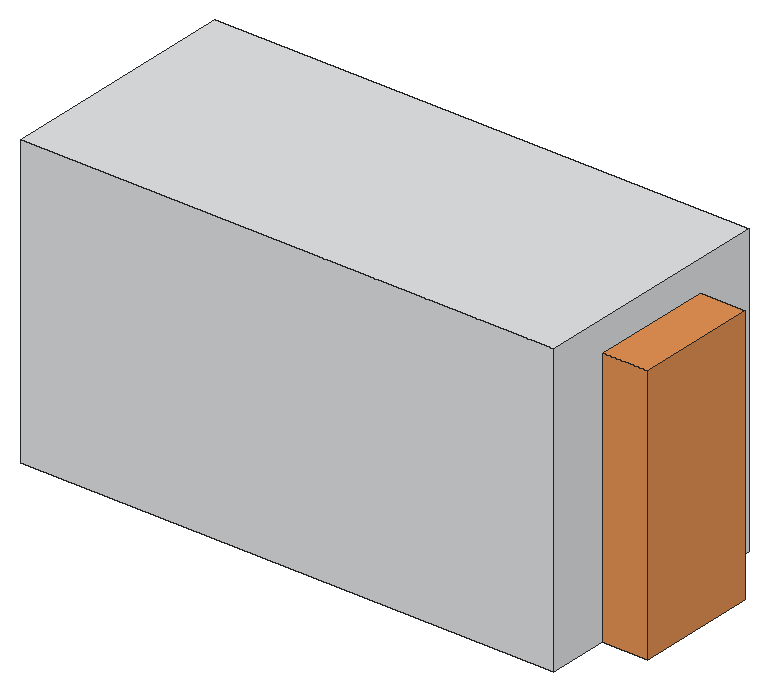
Revit family "LD_CNC Lathe", category Mechanical Equipment, Revit 2025
Family settings
  Round Connector Dimension = Use Diameter
  Part Type = Normal
  OmniClass Number = 23.75.00.00
  OmniClass Title = Climate Control (HVAC)
  Work Plane-Based = No
  Always vertical = Yes
  Cut with Voids When Loaded = No
  Maintain Annotation Orientation = No
  Shared = No
  Room Calculation Point = No
Parameters (values of type "18.5 kW")
  EL Voltage [instance] = 400 V
  EL Number of Poles [instance] = 3
  EL Apparent Load [instance] = 21800 VA
  Default Elevation = 0 mm
Reference planes
  plane 1 "Center (Front/Back)": y = 0
  plane 2: z = 0
  plane 3 "Center (Left/Right)": x = 0
Forms (mm)
  Extrusion 1, solid, material "CNC Light Grey"
    sketch origin (0, 0, 0) x (1, 0, 0) y (0, 1, 0)
      loop
        line (-1750, -800) -> (1750, -800) -> (1750, 800) -> (-1750, 800) -> (-1750, -800)
    from 0 to 1900
  Extrusion 2, solid, material "CNC Orange"
    sketch origin (0, 0, 0) x (1, 0, 0) y (0, 1, 0)
      loop
        line (1750, -400) -> (2050, -400) -> (2050, 400) -> (1750, 400) -> (1750, -400)
    from 0 to 1700
Dimensions and locks
  aligned and locked: level to plane 2
Connectors
  electrical at (0, 0, 1900), driven by "EL Voltage", driven by "EL Number of Poles", driven by "EL Apparent Load"
    settings: on Extrusion 1, index 1, voltage 400 V, apparent load 21800 VA, apparent load phase1 0 VA, apparent load phase2 0 VA, apparent load phase3 0 VA, power factor 0.85, load classification "Other", number of poles 3, system type 30, power factor state 1, is connector primary yes, connector utility no, sub classification motor no, connector description ""
